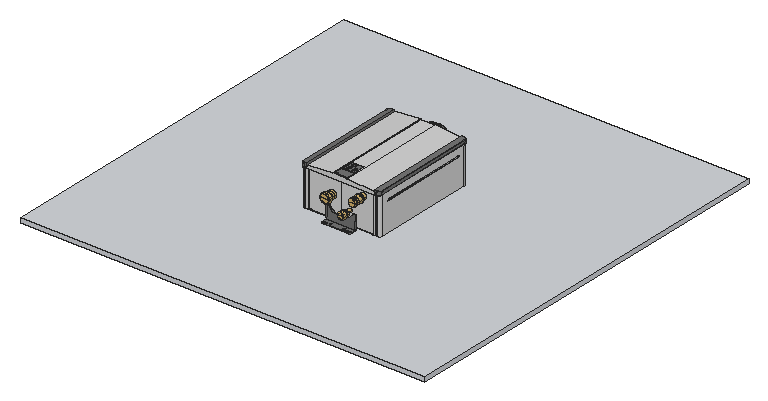
Revit family "Water_Heater-Rinnai-Ultra-Condensing-Tankless-RUR98i", category Mechanical Equipment, host Face, Revit 2012 (continued)
Definition of nested family "Water Heater"
  Automatic sketch dimensions
    curve 103 to plane 20 = 0.08334"
    curve 118 to plane 20 = 0.10317"
    plane 15 to curve 101 = 0.14131"
    curve 101 to curve 102 = 0.03504"
    plane 10 to curve 107 = 0.08799"
    plane 10 to curve 100 = 0.14922"
    plane 10 to curve 108 = 0.17772"
    plane 19 to curve 110 = 0.9498"
    curve 106 to curve 109 = 0"
    curve 100 to plane 8 = 0.68345"
    curve 112 to plane 8 = 0.65501"
    curve 112 to curve 109 = 0.08749"
    curve 114 to curve 95 = 0.34525"
    plane 8 to curve 104 = 0.05941"
    plane 8 to curve 101 = 0.05941"
    curve 102 to curve 101 = 0"
    curve 102 to curve 103 = 0.07442"
    curve 77 to plane 5 = 0"
    curve 78 to plane 8 = 0"
    plane 6 to curve 77 = 0"
    plane 8 to curve 67 = 0.22556"
    plane 5 to curve 67 = 0.52045"
    curve 69 to plane 7 = 0.41535"
    curve 67 to curve 69 = 0.48566"
    curve 69 to curve 69 = 0.02285"
    curve 68 to curve 69 = 0"
    curve 68 to curve 69 = 0.05004"
    curve 69 to curve 67 = 0.12848"
    curve 67 to curve 78 = 0.36823"
    curve 69 to curve 70 = 0.83945"
    curve 70 to curve 68 = 0"
    plane 14 to curve 86 = 0.66706"
    curve 86 to curve 83 = 0.06299"
    plane 27 to curve 81 = 0.06257"
    curve 84 to curve 81 = 0.11313"
    plane 14 to curve 82 = 0.01908"
    curve 82 to plane 14 = 0.14711"
    curve 80 to curve 82 = 0"
    curve 149 to plane 7 = 0.19831"
    plane 23 to curve 149 = 0.63676"
    curve 80 to plane 3 "Center (Left/Right)" = 0.01255"
    curve 148 to plane 7 = 0.17145"
    curve 148 to plane 12 = 0.44033"
    plane 27 to curve 87 = 0.15755"
    plane 21 to curve 87 = 0.61592"
    curve 80 to curve 87 = 0"
    plane 27 to curve 88 = 0.06257"
    curve 87 to curve 88 = 0.47629"
    curve 85 to plane 24 = 0.05637"
    plane 11 to curve 85 = 0.86344"
    curve 93 to level = 0.04045"
    curve 85 to curve 93 = 0.06299"
    plane 6 to curve 76 = 1.91844"
    curve 76 to curve 75 = 0"
    curve 79 to level = 0.04045"
    plane 6 to curve 79 = 1.52794"
    curve 79 to curve 74 = 0.3705"
    curve 73 to curve 72 = 0.13838"
    curve 72 to curve 72 = 0.03455"
    curve 75 to curve 72 = 0"
    curve 72 to curve 76 = 0.04004"
    plane 8 to curve 74 = 0.22539"
    plane 6 to curve 74 = 0.52016"
    curve 78 to level = 0.04045"
    curve 86 to level = 0.0398"
    curve 93 to plane 13 = 0.27812"
    curve 91 to curve 83 = 0.17992"
    plane 8 to curve 74 = 0.59333"
    curve 67 to curve 70 = 0.21409"
    curve 68 to curve 70 = 1/16"
    curve 73 to curve 75 = 0.15159"
    curve 75 to curve 76 = 1/16"
    Extrusion 1 sketch curve to plane 5 = 0"
    Extrusion 1 sketch curve to plane 6 = 0"
    plane 5 to Extrusion 1 sketch curve = 0.16126"
    plane 5 to Extrusion 1 sketch curve = 3/4"  (x2)
    Extrusion 1 sketch curve to plane 4 = 0.12422"
    Extrusion 1 sketch curve to Extrusion 1 sketch curve = 0.16126"  (x4)
    Extrusion 1 sketch curve to Extrusion 1 sketch curve = 0.58465"  (x2)
    plane 6 to Extrusion 1 sketch curve = 1.49591"
    Extrusion 1 sketch curve to plane 4 = 29/128"
    plane 6 to Extrusion 1 sketch curve = 0.91126"
    plane 6 to Extrusion 1 sketch curve = 0.16126"
    plane 5 to Extrusion 2 sketch curve = 1.27704"
    Extrusion 2 sketch curve to Extrusion 2 sketch curve = 7/256"  (x2)
    Extrusion 2 sketch curve to plane 3 "Center (Left/Right)" = 0.00497"
    plane 3 "Center (Left/Right)" to Extrusion 2 sketch curve = 0.00974"
    plane 6 to Extrusion 2 sketch curve = 1.30439"
    Sweep 3 sketch curve to plane 6 = 0"
    Sweep 3 sketch curve to plane 5 = 0"
    Sweep 3 sketch curve to plane 4 = 0.12422"
    plane 6 to Sweep 3 sketch curve = 3/4"  (x2)
    Sweep 3 sketch curve to Sweep 3 sketch curve = 0.74591"  (x2)
    plane 5 to Sweep 3 sketch curve = 1.49591"
    plane 5 to Sweep 3 sketch curve = 3/4"
    Sweep 3 sketch curve to profile plane = 0"  (x2)
    Sweep 3 sketch curve to Sweep 3 sketch curve = 0.0315"
    Extrusion 5 sketch curve to plane 4 = 0"
    Extrusion 5 sketch curve to Extrusion 5 sketch curve = 0.59345"
    Extrusion 5 sketch curve to Extrusion 5 sketch curve = 0.61479"
    plane 6 to Extrusion 5 sketch curve = 0.66792"
    Extrusion 6 sketch curve to plane 5 = 0.02756"
    plane 5 to Extrusion 6 sketch curve = 0.72244"  (x2)
    Extrusion 6 sketch curve to plane 4 = 1/128"  (x2)
    Extrusion 6 sketch curve to Extrusion 6 sketch curve = 0.435"
    plane 6 to Extrusion 6 sketch curve = 1.15744"
    plane 6 to Extrusion 6 sketch curve = 0.72244"  (x2)
    Extrusion 6 sketch curve to plane 6 = 0.02756"
    Extrusion 7 sketch curve to plane 5 = 0"
    plane 16 to Extrusion 7 sketch curve = 0.72706"
    plane 5 to Extrusion 8 sketch curve = 1.27704"
    Extrusion 8 sketch curve to Extrusion 8 sketch curve = 7/256"  (x2)
    Extrusion 8 sketch curve to plane 3 "Center (Left/Right)" = 0.00497"
    plane 3 "Center (Left/Right)" to Extrusion 8 sketch curve = 0.00974"
    plane 6 to Extrusion 8 sketch curve = 1.30439"
    plane 7 to Extrusion 9 sketch curve = 0.05435"
    Extrusion 9 sketch curve to plane 23 = 0.11207"
    plane 7 to Extrusion 9 sketch curve = 0.00161"  (x2)
    plane 23 to Extrusion 9 sketch curve = 0.08478"
    Extrusion 9 sketch curve to plane 7 = 0.15611"  (x2)
    Extrusion 9 sketch curve to Extrusion 9 sketch curve = 0.27318"
    Extrusion 9 sketch curve to Extrusion 9 sketch curve = 0.15748"  (x2)
    Extrusion 9 sketch curve to plane 12 = 0.43849"
    Extrusion 9 sketch curve to plane 21 = 0.06324"
    plane 21 to Extrusion 9 sketch curve = 0.13361"  (x2)
    Extrusion 9 sketch curve to plane 7 = 0.33935"
    Extrusion 9 sketch curve to Extrusion 9 sketch curve = 0.0422"
    plane 5 to Extrusion 10 sketch curve = 0.16126"
    Extrusion 10 sketch curve to Extrusion 10 sketch curve = 3/4"  (x2)
    Extrusion 10 sketch curve to Extrusion 10 sketch curve = 0.58465"
    plane 6 to Extrusion 10 sketch curve = 0.91126"  (x2)
    Extrusion 10 sketch curve to plane 4 = 29/128"
    plane 6 to Extrusion 10 sketch curve = 0.16126"
    plane 19 to Revolve 11 sketch curve = 0.25066"  (x2)
    Revolve 11 sketch curve to Revolve 11 sketch curve = 0.19632"
    Revolve 11 sketch curve to Revolve 11 sketch curve = 1.16267"
    Revolve 11 sketch curve to Revolve 11 sketch curve = 0.13556"
    plane 19 to Revolve 11 sketch curve = 0.03937"
    Revolve 11 sketch curve to plane 16 = 5.03831"
    Revolve 11 sketch curve to Revolve 11 sketch curve = 0.19606"
    plane 19 to Revolve 12 sketch curve = 0.25066"  (x2)
    Revolve 12 sketch curve to Revolve 12 sketch curve = 0.19632"
    Revolve 12 sketch curve to Revolve 12 sketch curve = 1.16267"
    Revolve 12 sketch curve to Revolve 12 sketch curve = 0.13556"
    plane 19 to Revolve 12 sketch curve = 0.03937"
    Revolve 12 sketch curve to plane 16 = 5.03831"
    Revolve 12 sketch curve to Revolve 12 sketch curve = 0.19606"
    Sweep 14 sketch curve to plane 3 "Center (Left/Right)" = 1/64"
    Sweep 14 sketch curve to plane 22 = 0.9765"
    Sweep 14 sketch curve to Sweep 14 sketch curve = 0"  (x4)
    Sweep 14 sketch curve to profile plane = 0"  (x2)
    profile plane to Sweep 14 sketch curve = 1.21666"
    profile plane to Sweep 14 sketch curve = 1.21033"
    Sweep 14 sketch curve to Sweep 14 sketch curve = 0.0386"
    Sweep 14 sketch curve to profile plane = 0.1979"
    Sweep 14 sketch curve to Sweep 14 sketch curve = 0.05055"
    Sweep 14 sketch curve to Sweep 14 sketch curve = 0.24211"
    Sweep 14 sketch curve to profile plane = 0.11491"
    Sweep 14 sketch curve to Sweep 14 sketch curve = 0.01705"
    Sweep 14 sketch curve to Sweep 14 sketch curve = 0.00185"
    Sweep 14 sketch curve to profile plane = 0.13491"
    Sweep 14 sketch curve to Sweep 14 sketch curve = 0.01471"
    Sweep 14 sketch curve to Sweep 14 sketch curve = 0.01869"
    Sweep 14 sketch curve to Sweep 14 sketch curve = 0.03188"
    Sweep 14 sketch curve to Sweep 14 sketch curve = 0.00379"
    Sweep 14 sketch curve to Sweep 14 sketch curve = 0.01985"
    Sweep 14 sketch curve to Sweep 14 sketch curve = 0.02907"
    Sweep 14 sketch curve to Sweep 14 sketch curve = 0.02"
    Sweep 14 sketch curve to Sweep 14 sketch curve = 0.11289"
    Sweep 14 sketch curve to Sweep 14 sketch curve = 0.02082"
    Sweep 14 sketch curve to Sweep 14 sketch curve = 0.0196"
    Sweep 14 sketch curve to Sweep 14 sketch curve = 0.17385"
    Sweep 14 sketch curve to Sweep 14 sketch curve = 0.03347"
    Sweep 14 sketch curve to Sweep 14 sketch curve = 0.16817"
    Sweep 14 sketch curve to profile plane = 0.03937"
    Sweep 14 sketch curve to Sweep 14 sketch curve = 0.03937"
    Sweep 14 sketch curve to Sweep 14 sketch curve = 0.07401"
    Sweep 14 sketch curve to Sweep 14 sketch curve = 0.19685"
    Sweep 14 sketch curve to Sweep 14 sketch curve = 0.0842"
    Sweep 14 sketch curve to Sweep 14 sketch curve = 0.00051"
    Sweep 14 sketch curve to Sweep 14 sketch curve = 0.02307"
    Sweep 14 sketch curve to Sweep 14 sketch curve = 0.14317"
    Sweep 14 sketch curve to Sweep 14 sketch curve = 1.09677"
    Sweep 14 sketch curve to Sweep 14 sketch curve = 0.08034"
    Sweep 14 sketch curve to Sweep 14 sketch curve = 0.12287"
    Sweep 14 sketch curve to Sweep 14 sketch curve = 0.03219"
    Extrusion 15 sketch curve to plane 3 "Center (Left/Right)" = 1/64"
    plane 19 to Extrusion 15 sketch curve = 1.02793"
    Revolve 16 sketch curve to plane 14 = 0.12393"
    Revolve 16 sketch curve to Revolve 16 sketch curve = 0.03504"
    plane 23 to Revolve 16 sketch curve = 0.13583"
    Revolve 16 sketch curve to Revolve 16 sketch curve = 0.1564"
    Revolve 16 sketch curve to plane 3 "Center (Left/Right)" = 0.00981"
    Revolve 16 sketch curve to plane 16 = 1.00882"
    Revolve 16 sketch curve to plane 16 = 0.68789"
    Revolve 16 sketch curve to Revolve 16 sketch curve = 0.037"
    Revolve 16 sketch curve to Revolve 16 sketch curve = 0.07874"
    plane 16 to Revolve 16 sketch curve = 0.72706"  (x2)
    plane 5 to Revolve 17 sketch curve = 1.26381"
    Revolve 17 sketch curve to Revolve 17 sketch curve = 0.08779"
    Revolve 17 sketch curve to Revolve 17 sketch curve = 1.97914"
    Revolve 17 sketch curve to Revolve 17 sketch curve = 0"  (x3)
    plane 4 to Revolve 17 sketch curve = 0.16817"
    Revolve 17 sketch curve to Revolve 17 sketch curve = 0.98144"
    Revolve 17 sketch curve to Revolve 17 sketch curve = 0.07874"
    plane 22 to Extrusion 18 sketch curve = 0.06809"
    plane 5 to Extrusion 18 sketch curve = 0.96853"
    Extrusion 18 sketch curve to plane 8 = 0.34525"
    Extrusion 18 sketch curve to Extrusion 18 sketch curve = 1 1/4"
    Extrusion 18 sketch curve to plane 10 = 0.28029"
    plane 14 to Extrusion 18 sketch curve = 1.91706"  (x2)
    Extrusion 18 sketch curve to plane 19 = 0.0894"
    plane 14 to Extrusion 19 sketch curve = 0.07257"
    plane 8 to Extrusion 19 sketch curve = 0.24136"
    plane 23 to Extrusion 19 sketch curve = 0.91142"  (x2)
    Extrusion 19 sketch curve to plane 20 = 0.10317"
    Extrusion 19 sketch curve to plane 12 = 0.02294"  (x2)
    Extrusion 19 sketch curve to plane 19 = 0.17601"
    plane 14 to Extrusion 20 sketch curve = 0.60587"
    Extrusion 20 sketch curve to Extrusion 20 sketch curve = 0.21663"
    Extrusion 20 sketch curve to Extrusion 20 sketch curve = 0.08337"
    Extrusion 20 sketch curve to Extrusion 20 sketch curve = 0.11714"  (x2)
    Extrusion 20 sketch curve to plane 14 = 0.10821"
    Extrusion 20 sketch curve to plane 23 = 0.24361"
    plane 23 to Extrusion 20 sketch curve = 0.53101"
    Extrusion 20 sketch curve to plane 12 = 0.3808"
    plane 21 to Extrusion 20 sketch curve = 0.23419"
    Extrusion 20 sketch curve to Extrusion 20 sketch curve = 0.41418"
    Extrusion 20 sketch curve to Extrusion 20 sketch curve = 0.26687"
    Extrusion 20 sketch curve to Extrusion 20 sketch curve = 0.02665"
    plane 11 to Extrusion 20 sketch curve = 0.8645"
    Extrusion 20 sketch curve to Extrusion 20 sketch curve = 0.06998"  (x2)
    Extrusion 20 sketch curve to Extrusion 20 sketch curve = 0.07943"  (x2)
    Extrusion 20 sketch curve to Extrusion 20 sketch curve = 0.07035"
    Extrusion 20 sketch curve to Extrusion 20 sketch curve = 0.10791"  (x2)
    Extrusion 21 sketch curve to plane 28 = 0"
    plane 29 to Extrusion 21 sketch curve = 0"
    plane 28 to Extrusion 21 sketch curve = 0.11313"
    plane 14 to Extrusion 21 sketch curve = 0.01908"
    Extrusion 21 sketch curve to plane 14 = 0.14711"
    Extrusion 21 sketch curve to Extrusion 21 sketch curve = 0"  (x2)
    Extrusion 21 sketch curve to plane 3 "Center (Left/Right)" = 0.01255"
    plane 27 to Extrusion 21 sketch curve = 0.15755"
    plane 21 to Extrusion 21 sketch curve = 0.61592"
    plane 27 to Extrusion 21 sketch curve = 0.06257"
    Extrusion 21 sketch curve to Extrusion 21 sketch curve = 0.16453"
    plane 29 to Extrusion 21 sketch curve = 0.10742"
    Extrusion 21 sketch curve to plane 24 = 0.05637"
    Extrusion 22 sketch curve to Extrusion 22 sketch curve = 0.11952"
    Extrusion 22 sketch curve to plane 25 = 0.01157"
    Extrusion 22 sketch curve to Extrusion 22 sketch curve = 0.12047"
    Extrusion 22 sketch curve to plane 13 = 0.39764"
    Extrusion 23 sketch curve to level = 0.02001"
    Extrusion 23 sketch curve to Extrusion 23 sketch curve = 0.12"
    Extrusion 23 sketch curve to Extrusion 23 sketch curve = 0.12047"
    plane 27 to Extrusion 23 sketch curve = 0.47562"
    Extrusion 24 sketch curve to plane 14 = 0.60587"
    Extrusion 24 sketch curve to Extrusion 24 sketch curve = 0.21663"
    Extrusion 24 sketch curve to Extrusion 24 sketch curve = 0.08337"
    Extrusion 24 sketch curve to Extrusion 24 sketch curve = 0.11714"  (x2)
    plane 14 to Extrusion 24 sketch curve = 0.10821"
    plane 23 to Extrusion 24 sketch curve = 0.24361"
    Extrusion 24 sketch curve to plane 23 = 0.53101"
    plane 12 to Extrusion 24 sketch curve = 0.3808"
    Extrusion 24 sketch curve to plane 21 = 0.23419"
    Extrusion 24 sketch curve to Extrusion 24 sketch curve = 0.41418"
    Extrusion 24 sketch curve to Extrusion 24 sketch curve = 0.26687"
    Extrusion 24 sketch curve to Extrusion 24 sketch curve = 0.02665"
    plane 4 to Extrusion 24 sketch curve = 0.12422"
    Extrusion 24 sketch curve to plane 11 = 0.8645"
    Extrusion 24 sketch curve to plane 4 = 0.76189"  (x2)
    Extrusion 24 sketch curve to plane 4 = 0.89402"  (x2)
    Extrusion 24 sketch curve to Extrusion 24 sketch curve = 0.06998"  (x2)
    Extrusion 24 sketch curve to Extrusion 24 sketch curve = 0.07943"  (x2)
    Extrusion 24 sketch curve to Extrusion 24 sketch curve = 0.07035"
    Extrusion 24 sketch curve to Extrusion 24 sketch curve = 0.10791"  (x2)
    Extrusion 25 sketch curve to plane 30 = 0"
    plane 31 to Extrusion 25 sketch curve = 0"
    plane 30 to Extrusion 25 sketch curve = 0.11313"
    plane 14 to Extrusion 25 sketch curve = 0.01908"
    Extrusion 25 sketch curve to plane 14 = 0.14711"
    Extrusion 25 sketch curve to Extrusion 25 sketch curve = 0"  (x2)
    Extrusion 25 sketch curve to plane 3 "Center (Left/Right)" = 0.01255"
    plane 27 to Extrusion 25 sketch curve = 0.15755"
    plane 21 to Extrusion 25 sketch curve = 0.61592"
    plane 27 to Extrusion 25 sketch curve = 0.06257"
    Extrusion 25 sketch curve to Extrusion 25 sketch curve = 0.16453"
    plane 31 to Extrusion 25 sketch curve = 0.10742"
    Extrusion 25 sketch curve to plane 24 = 0.05637"
    plane 13 to Extrusion 26 sketch curve = 0.39764"
    Extrusion 26 sketch curve to plane 4 = 0.2455"
    Extrusion 26 sketch curve to Extrusion 26 sketch curve = 0.11952"
    plane 25 to Extrusion 26 sketch curve = 0.01157"
    Extrusion 26 sketch curve to Extrusion 26 sketch curve = 0.12047"
    Extrusion 26 sketch curve to Extrusion 26 sketch curve = 0.15607"
    level to Extrusion 27 sketch curve = 0.02001"
    Extrusion 27 sketch curve to plane 4 = 0.2455"
    Extrusion 27 sketch curve to Extrusion 27 sketch curve = 0.12"
    Extrusion 27 sketch curve to Extrusion 27 sketch curve = 0.12047"
    plane 4 to Extrusion 27 sketch curve = 0.03009"
    Extrusion 27 sketch curve to plane 27 = 0.47562"
    Masking region 1 sketch curve to plane 4 = 0"  (x2)
    Masking region 1 sketch curve to plane 5 = 0.01381"
    plane 5 to Masking region 1 sketch curve = 0.72244"  (x2)
    Masking region 1 sketch curve to plane 4 = 1/128"
    Masking region 1 sketch curve to Masking region 1 sketch curve = 0.24092"
    Masking region 1 sketch curve to Masking region 1 sketch curve = 0.30044"
    plane 4 to Masking region 1 sketch curve = 0.16817"
    Masking region 1 sketch curve to Masking region 1 sketch curve = 0.38823"
    plane 14 to Masking region 1 sketch curve = 1.05024"
    Masking region 1 sketch curve to Masking region 1 sketch curve = 0.0879"
    Masking region 1 sketch curve to Masking region 1 sketch curve = 0.38318"
    plane 14 to Masking region 1 sketch curve = 0.07257"
    plane 14 to Masking region 1 sketch curve = 0.03453"
    Masking region 1 sketch curve to plane 14 = 0.00484"
    Masking region 1 sketch curve to plane 14 = 0.06748"
    Masking region 1 sketch curve to Masking region 1 sketch curve = 0.04668"  (x2)
    Masking region 1 sketch curve to plane 14 = 0.12393"
    Masking region 1 sketch curve to Masking region 1 sketch curve = 0.03504"  (x2)
    plane 23 to Masking region 1 sketch curve = 0.13583"
    Masking region 1 sketch curve to plane 21 = 0.13376"
    plane 21 to Masking region 1 sketch curve = 0.60911"
    plane 4 to Masking region 1 sketch curve = 0.25285"
    plane 21 to Masking region 1 sketch curve = 0.6422"
    Masking region 1 sketch curve to Masking region 1 sketch curve = 0.10737"
    Masking region 1 sketch curve to Masking region 1 sketch curve = 0.03937"  (x3)
    Masking region 1 sketch curve to Masking region 1 sketch curve = 0.15177"
    plane 6 to Masking region 1 sketch curve = 0.72244"
    plane 6 to Masking region 1 sketch curve = 0.67054"
    Masking region 1 sketch curve to plane 6 = 0.01381"
    Masking region 1 sketch curve to Masking region 1 sketch curve = 3/4"
    plane 4 to Masking region 1 sketch curve = 0.16929"
    plane 4 to Masking region 1 sketch curve = 0.22589"
    Masking region 1 sketch curve to Masking region 1 sketch curve = 0.02695"  (x2)
    Masking region 1 sketch curve to Masking region 1 sketch curve = 0.98144"
    Masking region 1 sketch curve to Masking region 1 sketch curve = 0.98031"
    Masking region 1 sketch curve to Masking region 1 sketch curve = 0.07874"  (x2)
    Masking region 1 sketch curve to plane 16 = 0.92411"  (x2)
    Masking region 1 sketch curve to Masking region 1 sketch curve = 0.19685"  (x2)
    Masking region 1 sketch curve to Masking region 1 sketch curve = 0.037"  (x2)
    Masking region 1 sketch curve to plane 16 = 0.57215"
    plane 16 to Masking region 1 sketch curve = 0.72706"
    Masking region 2 sketch curve to plane 5 = 0"
    plane 6 to Masking region 2 sketch curve = 0"
    Masking region 2 sketch curve to plane 24 = 0"
    plane 24 to Masking region 4 sketch curve = 0"
    plane 16 to Masking region 4 sketch curve = 0.72706"
    Masking region 5 sketch curve to plane 8 = 0"
    Masking region 5 sketch curve to level = 0.04124"
    Masking region 5 sketch curve to plane 4 = 0.12288"
    Masking region 5 sketch curve to plane 16 = 2.67"
    Masking region 5 sketch curve to plane 15 = 0.02389"
    Masking region 5 sketch curve to Masking region 5 sketch curve = 0.34877"
    Masking region 5 sketch curve to Masking region 5 sketch curve = 0.22589"
    Masking region 5 sketch curve to Masking region 5 sketch curve = 0.06793"
    plane 15 to Masking region 5 sketch curve = 0.08481"
    Masking region 5 sketch curve to plane 16 = 1.04598"
    Masking region 5 sketch curve to Masking region 5 sketch curve = 0.03716"
    plane 8 to Masking region 5 sketch curve = 0.04817"
    Masking region 5 sketch curve to plane 16 = 0.92411"
    Masking region 5 sketch curve to Masking region 5 sketch curve = 0.08471"
    Masking region 5 sketch curve to Masking region 5 sketch curve = 0.19685"  (x2)
    Masking region 5 sketch curve to plane 20 = 0.08334"
    Masking region 5 sketch curve to Masking region 5 sketch curve = 0.03937"  (x3)
    Masking region 5 sketch curve to Masking region 5 sketch curve = 0.037"  (x2)
    Masking region 5 sketch curve to Masking region 5 sketch curve = 0.07874"  (x2)
    plane 10 to Masking region 5 sketch curve = 0.14922"
    plane 16 to Masking region 5 sketch curve = 0.72706"
    Masking region 5 sketch curve to Masking region 5 sketch curve = 0.08089"
    plane 15 to Masking region 5 sketch curve = 0.0686"
    plane 15 to Masking region 5 sketch curve = 0.14131"
    Masking region 5 sketch curve to Masking region 5 sketch curve = 0.03504"  (x2)
    Masking region 5 sketch curve to plane 8 = 0.68345"
    plane 8 to Masking region 5 sketch curve = 0.05941"
    Masking region 5 sketch curve to Masking region 5 sketch curve = 0.03505"
    Masking region 5 sketch curve to Masking region 5 sketch curve = 0.08566"
    plane 8 to Masking region 5 sketch curve = 0.24136"
    Masking region 6 sketch curve to plane 5 = 0"
    Masking region 6 sketch curve to plane 6 = 0"
    plane 16 to Masking region 6 sketch curve = 0.72706"
    plane 23 to Extrusion 28 sketch curve = 0.63676"
    Extrusion 28 sketch curve to Extrusion 28 sketch curve = 0.06"  (x3)
    Extrusion 28 sketch curve to plane 12 = 0.38033"  (x2)
    Extrusion 28 sketch curve to Extrusion 28 sketch curve = 1.755"
    curve 67 to curve 69 = 0.33187"
    curve 73 to curve 75 = 0.07509"
    Extrusion 13 sketch curve to plane 5 = 0.23785"
    Extrusion 13 sketch curve to plane 5 = 0.03521"
    plane 5 to Extrusion 13 sketch curve = 0.03289"
    Extrusion 13 sketch curve to Extrusion 13 sketch curve = 0"  (x2)
    plane 5 to Extrusion 13 sketch curve = 0.04544"
    plane 8 to Extrusion 13 sketch curve = 0.19414"  (x2)
    plane 5 to Extrusion 13 sketch curve = 1.15744"
    plane 8 to Extrusion 13 sketch curve = 0.02539"  (x2)
    Extrusion 13 sketch curve to Extrusion 13 sketch curve = 0.17596"
    Extrusion 13 sketch curve to plane 3 "Center (Left/Right)" = 0.02677"
    plane 3 "Center (Left/Right)" to Extrusion 13 sketch curve = 0.01184"
    plane 6 to Extrusion 13 sketch curve = 1.35744"
    Extrusion 13 sketch curve to Extrusion 13 sketch curve = 0.2"
    plane 6 to Extrusion 13 sketch curve = 0.06604"
    plane 6 to Extrusion 13 sketch curve = 0.05362"
    Extrusion 13 sketch curve to plane 6 = 0.01381"
    Extrusion 13 sketch curve to plane 6 = 0.21381"
    plane 24 to Extrusion 13 sketch curve = 48.09837"
    Extrusion 13 sketch curve to Extrusion 13 sketch curve = 0.0012"
    Extrusion 1 sketch curve to Extrusion 1 sketch curve = 0.06299"  (x2)
    Extrusion 2 sketch curve to Extrusion 2 sketch curve = 0.01019"
    Extrusion 8 sketch curve to Extrusion 8 sketch curve = 0.01019"
    plane 1 "Center (Front/Back)" to curve 99 = 10.76797"
    curve 137 to curve 96 = 2.02615"
    curve 141 to curve 137 = 0.00051"
    curve 135 to curve 137 = 0.07826"
    plane 1 "Center (Front/Back)" to Extrusion 1 sketch curve = 12.00728"  (x2)
    plane 1 "Center (Front/Back)" to Extrusion 2 sketch curve = 12.75728"
    plane 1 "Center (Front/Back)" to Sweep 3 sketch curve = 12.07027"  (x2)
    Extrusion 5 sketch curve to Extrusion 5 sketch curve = 0.68312"
    plane 1 "Center (Front/Back)" to Extrusion 5 sketch curve = 12.46688"
    plane 1 "Center (Front/Back)" to Extrusion 6 sketch curve = 12.4"  (x2)
    plane 1 "Center (Front/Back)" to Extrusion 7 sketch curve = 14.56214"
    plane 1 "Center (Front/Back)" to Extrusion 8 sketch curve = 12.75728"
    plane 1 "Center (Front/Back)" to Extrusion 10 sketch curve = 12.00728"
    plane 1 "Center (Front/Back)" to Revolve 11 sketch curve = 9.47992"
    plane 1 "Center (Front/Back)" to Revolve 12 sketch curve = 9.47992"
    plane 1 "Center (Front/Back)" to Extrusion 20 sketch curve = 14.56214"
    Extrusion 20 sketch curve to Extrusion 20 sketch curve = 0.13195"
    Extrusion 20 sketch curve to Extrusion 20 sketch curve = 0.20211"  (x2)
    Extrusion 20 sketch curve to Extrusion 20 sketch curve = 1.14728"
    plane 1 "Center (Front/Back)" to Extrusion 22 sketch curve = 13.17362"
    Extrusion 22 sketch curve to Extrusion 22 sketch curve = 0.15607"
    plane 1 "Center (Front/Back)" to Extrusion 23 sketch curve = 13.17362"
    Extrusion 23 sketch curve to Extrusion 23 sketch curve = 0.15512"
    plane 1 "Center (Front/Back)" to Masking region 1 sketch curve = 12.4"  (x2)
    Masking region 1 sketch curve to Masking region 1 sketch curve = 0.14296"
    plane 1 "Center (Front/Back)" to Masking region 4 sketch curve = 14.56214"
    plane 1 "Center (Front/Back)" to Masking region 5 sketch curve = 12.81978"
    Masking region 5 sketch curve to Masking region 5 sketch curve = 0.73137"
    plane 1 "Center (Front/Back)" to Masking region 6 sketch curve = 14.56214"
    plane 1 "Center (Front/Back)" to Extrusion 28 sketch curve = 12.6188"
    Extrusion 9 sketch curve to Extrusion 9 sketch curve = 0.43951"
    plane 7 to Extrusion 13 sketch curve = 0.18429"  (x2)
    Masking region 2 sketch curve to plane 7 = 0.14124"
    Masking region 4 sketch curve to plane 7 = 0.14124"
    Masking region 5 sketch curve to plane 7 = 0.14124"
    curve 94 to curve 94 = 0.08577"
    Extrusion 4 sketch curve to plane 3 "Center (Left/Right)" = 0"
    Extrusion 4 sketch curve to plane 33 = 0"
    plane 23 to Extrusion 4 sketch curve = 0.65785"
    Extrusion 4 sketch curve to plane 33 = 0.56589"  (x2)
    Extrusion 4 sketch curve to plane 3 "Center (Left/Right)" = 8.09256"
    Extrusion 4 sketch curve to plane 5 = 9/32"
    Extrusion 4 sketch curve to plane 12 = 0.29613"
    plane 3 "Center (Left/Right)" to Extrusion 4 sketch curve = 8.09256"
    Extrusion 4 sketch curve to plane 6 = 9/32"
    plane 8 to Extrusion 4 sketch curve = 0.19414"  (x2)
    Masking region 3 sketch curve to plane 5 = 0"
    Masking region 3 sketch curve to plane 5 = 0.01381"
    plane 5 to Masking region 3 sketch curve = 0.05362"
    Masking region 3 sketch curve to Masking region 3 sketch curve = 0"  (x4)
    plane 5 to Masking region 3 sketch curve = 0.06604"
    plane 8 to Masking region 3 sketch curve = 0.19414"
    Masking region 3 sketch curve to Masking region 3 sketch curve = 0.46603"
    plane 8 to Masking region 3 sketch curve = 0.22539"  (x2)
    Masking region 3 sketch curve to Masking region 3 sketch curve = 0.05413"  (x2)
    Masking region 3 sketch curve to Masking region 3 sketch curve = 0.63728"
    Masking region 3 sketch curve to plane 25 = 0.01157"
    plane 14 to Masking region 3 sketch curve = 0.66706"
    Masking region 3 sketch curve to Masking region 3 sketch curve = 0.06299"
    plane 33 to Masking region 3 sketch curve = 0.02703"  (x2)
    plane 23 to Masking region 3 sketch curve = 0.28544"
    Masking region 3 sketch curve to plane 33 = 0.01487"  (x2)
    Masking region 3 sketch curve to Masking region 3 sketch curve = 0.07258"  (x2)
    plane 7 to Masking region 3 sketch curve = 0.11665"  (x2)
    Masking region 3 sketch curve to Masking region 3 sketch curve = 0.15748"
    plane 23 to Masking region 3 sketch curve = 0.65785"
    Masking region 3 sketch curve to plane 3 "Center (Left/Right)" = 0.01184"
    plane 3 "Center (Left/Right)" to Masking region 3 sketch curve = 0.01184"
    Masking region 3 sketch curve to plane 12 = 0.29613"
    Masking region 3 sketch curve to plane 12 = 0.43849"
    Masking region 3 sketch curve to plane 24 = 0.00215"
    plane 11 to Masking region 3 sketch curve = 0.86256"
    Masking region 3 sketch curve to plane 25 = 0.01186"
    Masking region 3 sketch curve to Masking region 3 sketch curve = 0.06133"
    Masking region 3 sketch curve to plane 33 = 0.14924"
    plane 6 to Masking region 3 sketch curve = 1.15744"
    plane 6 to Masking region 3 sketch curve = 0.52016"
    plane 6 to Masking region 3 sketch curve = 0.06604"
    plane 6 to Masking region 3 sketch curve = 0.05362"
    Masking region 3 sketch curve to plane 6 = 0.00046"
    Masking region 3 sketch curve to Masking region 3 sketch curve = 0.07985"
    Masking region 3 sketch curve to Masking region 3 sketch curve = 21.46811"
    Masking region 3 sketch curve to level = 0.04046"
    Masking region 3 sketch curve to level = 0.04045"
    Masking region 3 sketch curve to Masking region 3 sketch curve = 1/32"
    curve 1 to plane 32 = 0"
    curve 13 to plane 4 = 0"
    curve 3 to plane 32 = 0"
    curve 4 to plane 32 = 0"
    curve 57 to plane 4 = 0"
    curve 58 to plane 4 = 0"
    curve 2 to plane 32 = 0"
    curve 1 to plane 4 = 1/128"
    plane 5 to curve 1 = 0.91417"
    plane 4 to curve 6 = 0.16817"
    curve 1 to curve 6 = 0.43742"
    curve 5 to curve 6 = 0"  (x2)
    plane 14 to curve 6 = 1.05012"
    curve 6 to curve 47 = 0.38306"
    curve 13 to curve 48 = 0"
    curve 13 to curve 46 = 0.06119"
    plane 32 to curve 24 = 0.01515"
    plane 14 to curve 24 = 0.60587"
    curve 46 to curve 51 = 0.21663"
    curve 24 to curve 27 = 0.21663"
    plane 14 to curve 45 = 0.30587"
    plane 14 to curve 22 = 0.30587"
    curve 26 to curve 26 = 0.11714"
    curve 52 to curve 51 = 0.11714"
    plane 4 to curve 49 = 0.0329"
    plane 14 to curve 49 = 0.07052"
    plane 14 to curve 10 = 0.03453"
    curve 12 to plane 14 = 0.07083"
    curve 31 to plane 14 = 0.10821"
    curve 54 to plane 14 = 0.10821"
    curve 11 to plane 14 = 0.11"
    curve 44 to plane 14 = 0.1136"
    curve 9 to plane 14 = 0.15897"
    curve 8 to curve 9 = 0"
    curve 33 to plane 23 = 0.24361"
    curve 3 to plane 23 = 0.11207"
    plane 23 to curve 7 = 0.13583"
    plane 23 to curve 34 = 0.53101"
    plane 23 to curve 17 = 0.63676"
    curve 17 to curve 18 = 0.06"
    curve 15 to curve 15 = 0.06"
    curve 21 to plane 12 = 0.38033"
    curve 19 to plane 12 = 0.38033"
    curve 35 to plane 12 = 0.3808"
    curve 21 to curve 20 = 0.06"
    curve 7 to plane 21 = 0.13386"
    plane 21 to curve 4 = 0.13361"
    plane 21 to curve 36 = 0.23419"
    plane 21 to curve 8 = 0.60901"
    curve 9 to curve 8 = 0"
    curve 9 to curve 11 = 0.03166"
    curve 55 to curve 11 = 0"
    curve 36 to curve 39 = 0.41418"
    curve 55 to curve 65 = 0.00771"
    plane 4 to curve 12 = 0.22589"
    curve 4 to curve 12 = 0.55216"
    curve 9 to curve 10 = 0.18188"
    curve 12 to curve 13 = 0.15478"
    curve 59 to curve 13 = 0"
    curve 65 to curve 62 = 0.26687"
    curve 36 to curve 40 = 0.26687"
    curve 61 to curve 61 = 0.11714"
    curve 41 to curve 41 = 0.11714"
    curve 61 to curve 55 = 0.02665"
    curve 40 to curve 22 = 0.02665"
    plane 4 to curve 60 = 0.2455"
    curve 59 to curve 60 = 0.52256"
    plane 32 to curve 25 = 0.00202"
    plane 11 to curve 25 = 0.8645"
    curve 60 to curve 58 = 0.06406"
    plane 6 to curve 2 = 0.91417"
    curve 34 to plane 32 = 0.82618"
    curve 35 to plane 32 = 0.82618"
    curve 29 to plane 32 = 0.9583"
    curve 42 to plane 32 = 0.9583"
    curve 33 to curve 26 = 0.06998"
    curve 39 to curve 41 = 0.06998"
    curve 40 to curve 41 = 0.07943"
    curve 28 to curve 26 = 0.07943"
    curve 66 to curve 40 = 0.07035"
    curve 31 to curve 31 = 0.10791"
    curve 39 to curve 39 = 0.10791"
    plane 32 to curve 18 = 0.5312"
    curve 16 to curve 16 = 1.755"
    curve 2 to plane 4 = 1/128"
    curve 13 to curve 59 = 0.0329"
    curve 49 to curve 48 = 0.13639"
    curve 48 to curve 48 = 0.07621"
    curve 47 to curve 52 = 0.64852"
    curve 12 to curve 62 = 0.66812"
    curve 62 to curve 65 = 0.06998"
    curve 51 to curve 54 = 0.06998"
    curve 63 to curve 64 = 0.07943"
    curve 51 to curve 50 = 0.07943"
    curve 61 to curve 57 = 0.07035"
    curve 50 to curve 45 = 0.07441"
    curve 65 to curve 65 = 0.10791"
    curve 54 to curve 54 = 0.10791"
    curve 6 to curve 5 = 0.98144"
    curve 55 to curve 11 = 0.39803"
    curve 11 to curve 10 = 0.19685"
    curve 10 to curve 9 = 0.03937"
    curve 9 to curve 8 = 0.037"
    curve 7 to plane 16 = 0.57215"
    curve 147 to curve 99 = 2.75755"
    curve 15 to curve 154 = 0.07037"
    curve 154 to curve 155 = 0.06"
    curve 153 to curve 153 = 0.06151"
    curve 153 to curve 162 = 0.33943"
    curve 161 to curve 160 = 0.03527"
    curve 162 to curve 166 = 0.04"
    curve 165 to curve 169 = 0.03926"
    curve 155 to curve 170 = 0.4202"
    curve 168 to curve 168 = 1/4"
    curve 170 to curve 171 = 1/4"
    curve 163 to plane 3 "Center (Left/Right)" = 0.09049"
    curve 163 to curve 163 = 0.04"
    curve 167 to curve 167 = 0.04"
    plane 3 "Center (Left/Right)" to curve 173 = 0.43748"
    plane 3 "Center (Left/Right)" to curve 174 = 0.43748"
    curve 172 to curve 172 = 1/4"
    curve 174 to curve 175 = 1/4"
    curve 159 to plane 12 = 0.15811"
    curve 157 to plane 12 = 0.15811"
    curve 157 to curve 158 = 0.06"
    curve 15 to curve 155 = 0.06428"
    curve 155 to curve 170 = 0.46178"
    curve 170 to curve 173 = 0"
    curve 172 to curve 174 = 0.70658"
    curve 170 to curve 168 = 0.70871"
    curve 168 to curve 166 = 0.8554"
    curve 167 to curve 163 = 0.45418"
    curve 162 to curve 153 = 0.271"
    plane 23 to Extrusion 29 sketch curve = 0.76712"
    Extrusion 29 sketch curve to Extrusion 29 sketch curve = 0.06"  (x2)
    Extrusion 29 sketch curve to Extrusion 29 sketch curve = 0.06151"
    Extrusion 29 sketch curve to plane 12 = 0.15811"  (x2)
    plane 32 to Extrusion 29 sketch curve = 2.47047"
    Extrusion 29 sketch curve to Extrusion 29 sketch curve = 2.79581"
    Extrusion 30 sketch curve to plane 3 "Center (Left/Right)" = 0.95593"
    Extrusion 30 sketch curve to Extrusion 30 sketch curve = 0.03527"
    Extrusion 30 sketch curve to Extrusion 30 sketch curve = 0.04"  (x2)
    Extrusion 30 sketch curve to plane 3 "Center (Left/Right)" = 0.62666"  (x2)
    Extrusion 30 sketch curve to plane 3 "Center (Left/Right)" = 0.09049"  (x2)
    plane 12 to Extrusion 30 sketch curve = 0.48252"  (x2)
    plane 32 to Extrusion 30 sketch curve = 2.99225"
    Extrusion 30 sketch curve to Extrusion 30 sketch curve = 0"
    Extrusion 30 sketch curve to Extrusion 30 sketch curve = 0.70658"
    Extrusion 30 sketch curve to Extrusion 30 sketch curve = 0.70871"
    Extrusion 30 sketch curve to Extrusion 30 sketch curve = 0.8554"
    Extrusion 30 sketch curve to Extrusion 30 sketch curve = 0.45418"
    radius of Sweep 14 sketch curve = 2.53"
    radius of Extrusion 15 sketch curve = 2.76047"
    radius of Extrusion 20 sketch curve = 1/4"  (x2)
    radius of Extrusion 24 sketch curve = 1/4"  (x2)
    radius of curve 34 = 1/4"
    radius of curve 35 = 1/4"
    radius of Extrusion 30 sketch curve = 1/4"  (x4)
Definition of nested family "Pipes"
  Parameters (values of type "Pipes")
    Pipe Material = Metal - Rinnai - Aluminum Frame - Brass - Stain
  Reference planes (in)
    plane 1 "Center (Front/Back)": y = 0
    plane 2: z = 0
    plane 3 "Center (Left/Right)": x = 0
    plane 4: y = 1.33858
    plane 5: z = 0.505
  Forms (in)
    Revolve 1, solid, material "Metal - Rinnai - Aluminum Frame - Brass - Stain" <- "Pipe Material", detail levels fine
      sketch origin (0, 0, 5.73209) x (1, 0, 0) y (0, 1, 0)
        loop
          line (-3.57004, -0.9459) -> (-2.57004, -0.9459) -> (-2.57004, 1.33858) -> (-3.44946, 1.33858) -> (-3.41727, 0.72441) -> (-3.47911, 0.72441) -> (-3.47911, 0.07292)
          arc (-3.47911, 0.07292) -> (-3.48697, 0.05393) -> (-3.50597, 0.04606) r 0.02686
          line (-3.50597, 0.04606) -> (-3.54269, 0.04606)
          arc (-3.54269, 0.04606) -> (-3.58891, 0.03368) -> (-3.62274, -0.00015) r 0.09243
          line (-3.62274, -0.00015) -> (-3.68471, -0.10749)
          arc (-3.68471, -0.10749) -> (-3.70531, -0.15723) -> (-3.71234, -0.21061) r 0.20624
          line (-3.71234, -0.21061) -> (-3.71234, -0.86374) -> (-3.57004, -0.9459)
        axis (-2.57004, 1.33858) -> (-2.57004, -0.9459)
      angle from 0 to 360
    Revolve 2, solid, material "Metal - Rinnai - Aluminum Frame - Brass - Stain" <- "Pipe Material", detail levels fine
      sketch origin (0, 0, 3.75493) x (1, 0, 0) y (0, 1, 0)
        loop
          arc (1.27156, 0.03516) -> (1.26126, 0.0103) -> (1.2364, 0) r 0.03516
          line (1.2364, 0) -> (0.95449, 0)
          arc (0.95449, 0) -> (0.92311, -0.013) -> (0.91011, -0.04439) r 0.04439
          line (0.91011, -0.04439) -> (0.91011, -0.53932)
          arc (0.91011, -0.53932) -> (0.90677, -0.56981) -> (0.89691, -0.59886) r 0.14089
          line (0.89691, -0.59886) -> (0.84056, -0.7197)
          arc (0.84056, -0.7197) -> (0.83312, -0.74161) -> (0.8306, -0.76462) r 0.10629
          line (0.8306, -0.76462) -> (0.8306, -1.44122) -> (0.9619, -1.52012) -> (1.64829, -1.52012) -> (1.64829, 1.33858) -> (1.27156, 1.33858) -> (1.27156, 0.03516)
        axis (1.64829, 1.33858) -> (1.64829, -1.52012)
      angle from 0 to 360
    Revolve 3, solid, material "Metal - Rinnai - Aluminum Frame - Brass - Stain" <- "Pipe Material", detail levels fine
      sketch origin (0.0625, 0, 7.82256) x (1, 0, 0) y (0, 1, 0)
        loop
          line (4.63913, 1.33858) -> (3.89727, 1.33858) -> (3.89727, 0.57916)
          arc (3.89727, 0.57916) -> (3.90169, 0.55689) -> (3.91431, 0.53801) r 0.05818
          line (3.91431, 0.53801) -> (3.97376, 0.47857)
          arc (3.97376, 0.47857) -> (3.97799, 0.4573) -> (3.95995, 0.44525) r 0.01952
          line (3.95995, 0.44525) -> (3.75631, 0.44525)
          arc (3.75631, 0.44525) -> (3.73498, 0.43641) -> (3.72615, 0.41509) r 0.03016
          line (3.72615, 0.41509) -> (3.72615, 0.22228)
          arc (3.72615, 0.22228) -> (3.73313, 0.20014) -> (3.75155, 0.186) r 0.03861
          line (3.75155, 0.186) -> (3.79036, 0.17188)
          arc (3.79036, 0.17188) -> (3.80249, 0.16257) -> (3.80708, 0.148) r 0.02541
          line (3.80708, 0.148) -> (3.80708, -0.96244)
          arc (3.80708, -0.96244) -> (3.76912, -0.97853) -> (3.75344, -1.01667) r 0.05423
          line (3.75344, -1.01667) -> (3.75344, -1.4647)
          arc (3.75344, -1.4647) -> (3.75919, -1.4936) -> (3.77555, -1.51809) r 0.07551
          line (3.77555, -1.51809) -> (3.82296, -1.5655)
          arc (3.82296, -1.5655) -> (3.83493, -1.58341) -> (3.83913, -1.60454) r 0.05521
          line (3.83913, -1.60454) -> (3.83913, -1.9303) -> (4.63913, -1.9303) -> (4.63913, 1.33858)
        axis (4.63913, 1.33858) -> (4.63913, -1.9303)
      angle from 0 to 360
    Revolve 4, solid, material "Metal - Rinnai - Aluminum Frame - Brass - Stain" <- "Pipe Material", detail levels coarse+medium
      sketch origin (5.61347, -180, 7.82256) x (-1, 0, 0) y (0, -1, 0)
        loop
          line (0.91184, -181.33858) -> (1.79851, -181.33858) -> (1.79851, -178.0697) -> (0.91184, -178.0697) -> (0.91184, -181.33858)
        axis (0.91184, -181.33858) -> (0.91184, -178.0697)
      angle from 0 to 360
    Revolve 5, solid, material "Metal - Rinnai - Aluminum Frame - Brass - Stain" <- "Pipe Material", detail levels coarse+medium
      sketch origin (2.46598, -180, 3.75493) x (-1, 0, 0) y (0, -1, 0)
        loop
          line (0.81769, -181.33858) -> (1.63546, -181.33858) -> (1.63546, -178.47988) -> (0.81769, -178.47988) -> (0.81769, -181.33858)
        axis (0.81769, -181.33858) -> (0.81769, -178.47988)
      angle from 0 to 360
    Revolve 6, solid, material "Metal - Rinnai - Aluminum Frame - Brass - Stain" <- "Pipe Material", detail levels coarse+medium
      sketch origin (-1.42757, -180, 5.73209) x (0, -1, 0) y (1, 0, 0)
        loop
          line (-181.33858, -1.14247) -> (-181.33858, -2.28413) -> (-179.0541, -2.28413) -> (-179.0541, -1.14247) -> (-181.33858, -1.14247)
        axis (-181.33858, -1.14247) -> (-179.0541, -1.14247)
      angle from 0 to 360
  Lines and regions (in)
    Masking region 1, detail levels fine
      outline origin (0, 0, 0) x (1, 0, 0) y (0, 1, 0)
        loop
          line (-3.44872, 1.33858) -> (-3.41642, 0.72441) -> (-3.47838, 0.72441) -> (-3.47838, 0.07553)
          arc (-3.47838, 0.07553) -> (-3.48658, 0.05573) -> (-3.50638, 0.04753) r 0.02801
          line (-3.50638, 0.04753) -> (-3.54097, 0.04753)
          arc (-3.54097, 0.04753) -> (-3.58711, 0.03473) -> (-3.62007, 0) r 0.08959
          line (-3.62007, 0) -> (-3.68736, -0.11199)
          arc (-3.68736, -0.11199) -> (-3.71057, -0.17247) -> (-3.7117, -0.23725) r 0.18655
          line (-3.7117, -0.23725) -> (-3.7117, -0.83778)
          arc (-3.7117, -0.83778) -> (-3.70314, -0.86494) -> (-3.68055, -0.88228) r 0.04735
          line (-3.68055, -0.88228) -> (-3.59276, -0.93296)
          arc (-3.59276, -0.93296) -> (-3.56768, -0.9431) -> (-3.54077, -0.94593) r 0.0972
          line (-3.54077, -0.94593) -> (-1.5993, -0.94593)
          arc (-1.5993, -0.94593) -> (-1.57239, -0.9431) -> (-1.54731, -0.93296) r 0.0972
          line (-1.54731, -0.93296) -> (-1.45952, -0.88228)
          arc (-1.45952, -0.88228) -> (-1.43693, -0.86494) -> (-1.42837, -0.83778) r 0.04735
          line (-1.42837, -0.83778) -> (-1.42837, -0.23725)
          arc (-1.42837, -0.23725) -> (-1.4295, -0.17247) -> (-1.45272, -0.11199) r 0.18655
          line (-1.45272, -0.11199) -> (-1.52, 0)
          arc (-1.52, 0) -> (-1.55296, 0.03473) -> (-1.59911, 0.04753) r 0.08959
          line (-1.59911, 0.04753) -> (-1.63369, 0.04753)
          arc (-1.63369, 0.04753) -> (-1.65349, 0.05573) -> (-1.66169, 0.07553) r 0.02801
          line (-1.66169, 0.07553) -> (-1.66169, 0.72441) -> (-1.72353, 0.72441) -> (-1.69134, 1.33858) -> (-3.44872, 1.33858)
    Masking region 2, detail levels fine
      outline origin (0, 0, 0) x (1, 0, 0) y (0, 1, 0)
        loop
          line (1.27156, 1.33858) -> (1.27156, 0.03455)
          arc (1.27156, 0.03455) -> (1.26143, 0.01012) -> (1.237, 0) r 0.03455
          line (1.237, 0) -> (0.95155, 0)
          arc (0.95155, 0) -> (0.92268, -0.01196) -> (0.91072, -0.04083) r 0.04083
          line (0.91072, -0.04083) -> (0.91072, -0.54083)
          arc (0.91072, -0.54083) -> (0.90553, -0.57771) -> (0.89039, -0.61173) r 0.13378
          line (0.89039, -0.61173) -> (0.83877, -0.72242)
          arc (0.83877, -0.72242) -> (0.83098, -0.74791) -> (0.83051, -0.77456) r 0.09576
          line (0.83051, -0.77456) -> (0.83051, -1.41497)
          arc (0.83051, -1.41497) -> (0.83568, -1.43648) -> (0.85004, -1.4533) r 0.04738
          line (0.85004, -1.4533) -> (0.9389, -1.50668)
          arc (0.9389, -1.50668) -> (0.9682, -1.51852) -> (0.99973, -1.52073) r 0.10101
          line (0.99973, -1.52073) -> (2.31445, -1.52073)
          arc (2.31445, -1.52073) -> (2.33686, -1.51617) -> (2.35768, -1.50668) r 0.10101
          line (2.35768, -1.50668) -> (2.44653, -1.4533)
          arc (2.44653, -1.4533) -> (2.4609, -1.43648) -> (2.46606, -1.41497) r 0.04738
          line (2.46606, -1.41497) -> (2.46606, -0.77456)
          arc (2.46606, -0.77456) -> (2.46559, -0.74791) -> (2.4578, -0.72242) r 0.09576
          line (2.4578, -0.72242) -> (2.40619, -0.61173)
          arc (2.40619, -0.61173) -> (2.39104, -0.57771) -> (2.38586, -0.54083) r 0.13378
          line (2.38586, -0.54083) -> (2.38586, -0.04083)
          arc (2.38586, -0.04083) -> (2.3739, -0.01196) -> (2.34502, 0) r 0.04083
          line (2.34502, 0) -> (2.05957, 0)
          arc (2.05957, 0) -> (2.03514, 0.01012) -> (2.02502, 0.03455) r 0.03455
          line (2.02502, 0.03455) -> (2.02502, 1.33858) -> (1.27156, 1.33858)
        loop
          line (3.95999, 1.33858) -> (3.95999, 0.58685)
          arc (3.95999, 0.58685) -> (3.9644, 0.5605) -> (3.97714, 0.53702) r 0.08093
          line (3.97714, 0.53702) -> (4.0312, 0.48296)
          arc (4.0312, 0.48296) -> (4.03771, 0.46232) -> (4.02453, 0.44515) r 0.02344
          line (4.02453, 0.44515) -> (3.82192, 0.44515)
          arc (3.82192, 0.44515) -> (3.7987, 0.43553) -> (3.78908, 0.41231) r 0.03284
          line (3.78908, 0.41231) -> (3.78908, 0.22442)
          arc (3.78908, 0.22442) -> (3.79662, 0.20051) -> (3.81651, 0.18525) r 0.04169
          line (3.81651, 0.18525) -> (3.8488, 0.1735)
          arc (3.8488, 0.1735) -> (3.86491, 0.16067) -> (3.87007, 0.14073) r 0.03245
          line (3.87007, 0.14073) -> (3.87007, -0.96244)
          arc (3.87007, -0.96244) -> (3.83111, -0.97858) -> (3.81497, -1.01754) r 0.05511
          line (3.81497, -1.01754) -> (3.81497, -1.4511)
          arc (3.81497, -1.4511) -> (3.82375, -1.49426) -> (3.84869, -1.53056) r 0.11046
          line (3.84869, -1.53056) -> (3.8803, -1.56108)
          arc (3.8803, -1.56108) -> (3.89615, -1.5833) -> (3.90298, -1.60972) r 0.07488
          line (3.90298, -1.60972) -> (3.90298, -1.8167)
          arc (3.90298, -1.8167) -> (3.9361, -1.89666) -> (4.01606, -1.92978) r 0.11308
          line (4.01606, -1.92978) -> (5.3872, -1.92978)
          arc (5.3872, -1.92978) -> (5.46716, -1.89666) -> (5.50028, -1.8167) r 0.11308
          line (5.50028, -1.8167) -> (5.50028, -1.60972)
          arc (5.50028, -1.60972) -> (5.50711, -1.5833) -> (5.52296, -1.56108) r 0.07488
          line (5.52296, -1.56108) -> (5.55457, -1.53056)
          arc (5.55457, -1.53056) -> (5.57952, -1.49426) -> (5.5883, -1.4511) r 0.11046
          line (5.5883, -1.4511) -> (5.5883, -1.01754)
          arc (5.5883, -1.01754) -> (5.57216, -0.97858) -> (5.53319, -0.96244) r 0.05511
          line (5.53319, -0.96244) -> (5.53319, 0.14073)
          arc (5.53319, 0.14073) -> (5.53835, 0.16067) -> (5.55447, 0.1735) r 0.03245
          line (5.55447, 0.1735) -> (5.58675, 0.18525)
          arc (5.58675, 0.18525) -> (5.60664, 0.20051) -> (5.61418, 0.22442) r 0.04169
          line (5.61418, 0.22442) -> (5.61418, 0.41231)
          arc (5.61418, 0.41231) -> (5.60457, 0.43553) -> (5.58135, 0.44515) r 0.03284
          line (5.58135, 0.44515) -> (5.37873, 0.44515)
          arc (5.37873, 0.44515) -> (5.36555, 0.46232) -> (5.37206, 0.48296) r 0.02344
          line (5.37206, 0.48296) -> (5.42612, 0.53702)
          arc (5.42612, 0.53702) -> (5.43887, 0.5605) -> (5.44328, 0.58685) r 0.08093
          line (5.44328, 0.58685) -> (5.44328, 1.33858) -> (3.95999, 1.33858)
    Masking region 3
      outline origin (0, 0, 0) x (1, 0, 0) y (0, 0, 1)
        loop
          circle (-2.57004, 5.73209) r 1.14247
        loop
          circle (1.64829, 3.75493) r 0.81672
        loop
          circle (4.70163, 7.82256) r 0.91184
    Masking region 4, detail levels fine
      outline origin (0, 0, 0) x (0, 1, 0) y (0, 0, 1)
        loop
          line (1.33858, 8.56215) -> (0.5885, 8.56215)
          arc (0.5885, 8.56215) -> (0.56128, 8.5576) -> (0.53702, 8.54443) r 0.08363
          line (0.53702, 8.54443) -> (0.47667, 8.48408)
          arc (0.47667, 8.48408) -> (0.45643, 8.48015) -> (0.4452, 8.49744) r 0.01843
          line (0.4452, 8.49744) -> (0.4452, 8.70036)
          arc (0.4452, 8.70036) -> (0.4355, 8.7238) -> (0.41206, 8.7335) r 0.03314
          line (0.41206, 8.7335) -> (0.22734, 8.7335)
          arc (0.22734, 8.7335) -> (0.20238, 8.72611) -> (0.18548, 8.70632) r 0.04582
          line (0.18548, 8.70632) -> (0.172, 8.66927)
          arc (0.172, 8.66927) -> (0.16129, 8.65606) -> (0.14472, 8.65223) r 0.02612
          line (0.14472, 8.65223) -> (-0.96244, 8.65223)
          arc (-0.96244, 8.65223) -> (-0.97679, 8.68735) -> (-1.01022, 8.7053) r 0.05608
          line (-1.01022, 8.7053) -> (-1.45928, 8.7053)
          arc (-1.45928, 8.7053) -> (-1.49286, 8.69877) -> (-1.52155, 8.68014) r 0.08965
          line (-1.52155, 8.68014) -> (-1.56391, 8.63778)
          arc (-1.56391, 8.63778) -> (-1.58636, 8.62293) -> (-1.61309, 8.61988) r 0.05768
          line (-1.61309, 8.61988) -> (-1.82151, 8.61988)
          arc (-1.82151, 8.61988) -> (-1.89859, 8.58795) -> (-1.93052, 8.51086) r 0.10902
          line (-1.93052, 8.51086) -> (-1.93052, 7.12982)
          arc (-1.93052, 7.12982) -> (-1.89859, 7.05273) -> (-1.82151, 7.0208) r 0.10902
          line (-1.82151, 7.0208) -> (-1.61309, 7.0208)
          arc (-1.61309, 7.0208) -> (-1.58636, 7.01775) -> (-1.56391, 7.0029) r 0.05768
          line (-1.56391, 7.0029) -> (-1.52155, 6.96055)
          arc (-1.52155, 6.96055) -> (-1.49286, 6.94191) -> (-1.45928, 6.93539) r 0.08965
          line (-1.45928, 6.93539) -> (-1.01022, 6.93539)
          arc (-1.01022, 6.93539) -> (-0.97679, 6.95333) -> (-0.96244, 6.98845) r 0.05608
          line (-0.96244, 6.98845) -> (0.14472, 6.98845)
          arc (0.14472, 6.98845) -> (0.16129, 6.98463) -> (0.172, 6.97141) r 0.02612
          line (0.172, 6.97141) -> (0.18548, 6.93437)
          arc (0.18548, 6.93437) -> (0.20238, 6.91457) -> (0.22734, 6.90718) r 0.04582
          line (0.22734, 6.90718) -> (0.41206, 6.90718)
          arc (0.41206, 6.90718) -> (0.4355, 6.91689) -> (0.4452, 6.94032) r 0.03314
          line (0.4452, 6.94032) -> (0.4452, 7.14325)
          arc (0.4452, 7.14325) -> (0.45643, 7.16054) -> (0.47667, 7.1566) r 0.01843
          line (0.47667, 7.1566) -> (0.53702, 7.09626)
          arc (0.53702, 7.09626) -> (0.56128, 7.08309) -> (0.5885, 7.07853) r 0.08363
          line (0.5885, 7.07853) -> (1.33858, 7.07853) -> (1.33858, 8.56215)
        loop
          line (1.33858, 6.61045) -> (0.72441, 6.57826) -> (0.72441, 6.6401) -> (0.07449, 6.6401)
          arc (0.07449, 6.6401) -> (0.05529, 6.64747) -> (0.04595, 6.6658) r 0.0287
          line (0.04595, 6.6658) -> (0.04595, 6.70687)
          arc (0.04595, 6.70687) -> (0.03358, 6.75148) -> (0, 6.78334) r 0.08662
          line (0, 6.78334) -> (-0.1092, 6.84639)
          arc (-0.1092, 6.84639) -> (-0.17174, 6.8704) -> (-0.23865, 6.87391) r 0.21413
          line (-0.23865, 6.87391) -> (-0.8349, 6.87391)
          arc (-0.8349, 6.87391) -> (-0.85917, 6.86971) -> (-0.87622, 6.85194) r 0.03947
          line (-0.87622, 6.85194) -> (-0.93421, 6.75149)
          arc (-0.93421, 6.75149) -> (-0.94517, 6.72219) -> (-0.94599, 6.69092) r 0.09477
          line (-0.94599, 6.69092) -> (-0.94599, 4.77186)
          arc (-0.94599, 4.77186) -> (-0.94517, 4.74059) -> (-0.93421, 4.71129) r 0.09477
          line (-0.93421, 4.71129) -> (-0.87622, 4.61084)
          arc (-0.87622, 4.61084) -> (-0.85917, 4.59307) -> (-0.8349, 4.58887) r 0.03947
          line (-0.8349, 4.58887) -> (-0.23865, 4.58887)
          arc (-0.23865, 4.58887) -> (-0.17174, 4.59238) -> (-0.1092, 4.61639) r 0.21413
          line (-0.1092, 4.61639) -> (0, 4.67943)
          arc (0, 4.67943) -> (0.03358, 4.7113) -> (0.04595, 4.75591) r 0.08662
          line (0.04595, 4.75591) -> (0.04595, 4.79698)
          arc (0.04595, 4.79698) -> (0.05529, 4.81531) -> (0.07449, 4.82268) r 0.0287
          line (0.07449, 4.82268) -> (0.72441, 4.82268) -> (0.72441, 4.88451) -> (1.33858, 4.85233) -> (1.33858, 6.61045)
        loop
          line (1.33858, 4.13166) -> (0.03557, 4.13166)
          arc (0.03557, 4.13166) -> (0.01125, 4.14124) -> (0, 4.16483) r 0.03566
          line (0, 4.16483) -> (0, 4.44788)
          arc (0, 4.44788) -> (-0.01356, 4.48062) -> (-0.04629, 4.49417) r 0.04629
          line (-0.04629, 4.49417) -> (-0.53632, 4.49417)
          arc (-0.53632, 4.49417) -> (-0.57369, 4.49843) -> (-0.60915, 4.51099) r 0.16613
          line (-0.60915, 4.51099) -> (-0.70755, 4.55687)
          arc (-0.70755, 4.55687) -> (-0.74067, 4.56828) -> (-0.77545, 4.57255) r 0.1676
          line (-0.77545, 4.57255) -> (-1.41565, 4.57255)
          arc (-1.41565, 4.57255) -> (-1.43704, 4.56722) -> (-1.45342, 4.55246) r 0.04557
          line (-1.45342, 4.55246) -> (-1.50681, 4.46361)
          arc (-1.50681, 4.46361) -> (-1.51725, 4.4384) -> (-1.51987, 4.41124) r 0.09231
          line (-1.51987, 4.41124) -> (-1.51987, 3.09862)
          arc (-1.51987, 3.09862) -> (-1.51725, 3.07146) -> (-1.50681, 3.04625) r 0.09231
          line (-1.50681, 3.04625) -> (-1.45342, 2.9574)
          arc (-1.45342, 2.9574) -> (-1.43704, 2.94264) -> (-1.41565, 2.93731) r 0.04557
          line (-1.41565, 2.93731) -> (-0.77545, 2.93731)
          arc (-0.77545, 2.93731) -> (-0.74067, 2.94158) -> (-0.70755, 2.95299) r 0.1676
          line (-0.70755, 2.95299) -> (-0.60915, 2.99887)
          arc (-0.60915, 2.99887) -> (-0.57369, 3.01143) -> (-0.53632, 3.01568) r 0.16613
          line (-0.53632, 3.01568) -> (-0.04629, 3.01568)
          arc (-0.04629, 3.01568) -> (-0.01356, 3.02924) -> (0, 3.06198) r 0.04629
          line (0, 3.06198) -> (0, 3.34503)
          arc (0, 3.34503) -> (0.01125, 3.36862) -> (0.03557, 3.3782) r 0.03566
          line (0.03557, 3.3782) -> (1.33858, 3.3782) -> (1.33858, 4.13166)
    Masking region 5, detail levels coarse+medium
      outline origin (0, 0, 0) x (1, 0, 0) y (0, 1, 0)
        loop
          line (-3.7117, 1.33858) -> (-3.7117, -0.9459) -> (-1.42837, -0.9459) -> (-1.42837, 1.33858) -> (-3.7117, 1.33858)
        loop
          line (0.83051, 1.33858) -> (0.83051, -1.52012) -> (2.46606, -1.52012) -> (2.46606, 1.33858) -> (0.83051, 1.33858)
        loop
          line (3.81497, 1.33858) -> (3.81497, -1.9303) -> (5.5883, -1.9303) -> (5.5883, 1.33858) -> (3.81497, 1.33858)
    Masking region 6, detail levels coarse+medium
      outline origin (0, 0, 0) x (0, 1, 0) y (0, 0, 1)
        loop
          line (1.33858, 8.70923) -> (-1.9328, 8.70923) -> (-1.9328, 6.93495) -> (1.33858, 6.93495) -> (1.33858, 8.70923)
        loop
          line (1.33858, 6.87027) -> (-0.94512, 6.87027) -> (-0.94512, 4.59064) -> (1.33858, 4.59064) -> (1.33858, 6.87027)
        loop
          line (1.33858, 4.57335) -> (-1.52088, 4.57335) -> (-1.52088, 2.93724) -> (1.33858, 2.93724) -> (1.33858, 4.57335)
    symbolic lines, style "Water Heater", detail levels fine
      curve 1: line (-3.41642, 0.72441, 0) -> (-1.7228, 0.72441, 0)
      curve 2: line (-3.54097, 0.04753, 0) -> (-1.63369, 0.04753, 0)
      curve 3: line (1.237, 0, 0) -> (2.05957, 0, 0)
      curve 4: line (4.02453, 0.44515, 0) -> (5.37873, 0.44515, 0)
      curve 5: line (3.87007, -0.96244, 0) -> (5.53368, -0.96244, 0)
      curve 6: circle (4.70163, 0, 7.82256) r 0.8 normal (0, -1, 0)
      curve 7: circle (4.70163, 0, 7.82256) r 0.75 normal (0, -1, 0)
      curve 8: line (0, 0.72441, 4.88486) -> (0, 0.72441, 6.57826)
      curve 9: line (0, 0.04595, 6.6658) -> (0, 0.04595, 4.79698)
      curve 10: line (0, 0, 4.16483) -> (0, 0, 3.34503)
      curve 11: line (0, 0.4452, 8.49744) -> (0, 0.4452, 7.14325)
      curve 12: line (0, -0.96244, 8.65223) -> (0, -0.96244, 6.98845)
      curve 13: circle (-2.57004, 0, 5.73209) r 1 normal (0, -1, 0)
    symbolic lines, style "Water Heater"
      curve 14: line (0, -1.44122, 4.57262) -> (0, -1.44122, 2.93724)
  Dimensions and locks (in)
    aligned and locked: plane 2 to level
